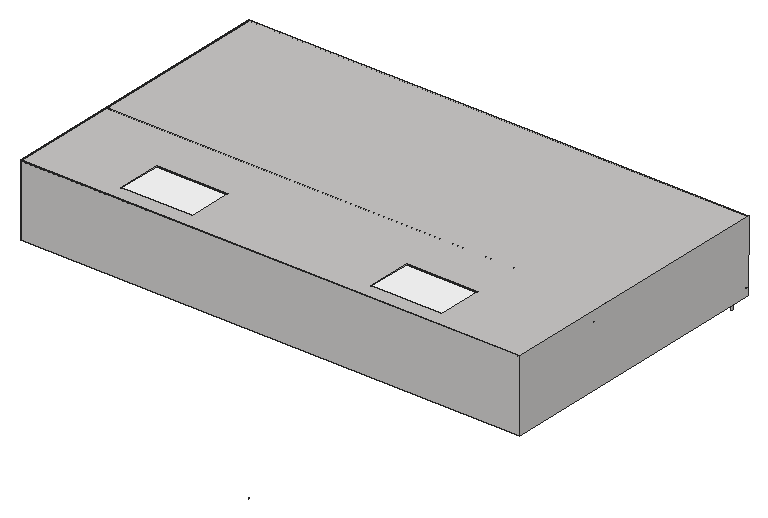
Revit family "QF_ELECTROLUXPROFESSIONAL_640033_EPF1628", category Attrezzature speciali, Revit 2021
Family settings
  Quota connettore circolare = Usa diametro
  Tipo di parte = Normale
  Basato su piano di lavoro = No
  Sempre verticale = Sì
  Taglio con vuoti quando caricato = No
  Condiviso = No
  Punto di calcolo locali = No
Parameters (values of type "Standard")
  Weight = 68.00 kg
  Watts = 0 W
  Volts = 0 V
  URL Manufacturer = "https://www.electroluxprofessional.com/"
  URL = "https://www.electroluxprofessional.com/"
  Steam Supply Size = 0 mm
  Steam Supply Minimum Pressure = 0.0 Pa
  Steam Supply Maximum Pressure = 0.0 Pa
  Steam Consumption per Hour = 0
  Refrigeration Suction Line Size = 0 mm
  Refrigeration Liquid Line Size = 0 mm
  Refrigerant Compressor Remote = yes
  Prospetto di default = 0 mm
  Produttore = "Electrolux Professional"
  Phase = 0
  Modello = "EPF1628"
  Length Actual = 2800 mm  # constant formula
  Item Number = "640033"
  Hot Water Size = 0 mm
  Height Actual = 400 mm  # constant formula
  HP = "0 HP"
  Gas Size = 0 mm
  Gas KW = 0
  Gas Input Pressure = 0 W
  Direct Waste Size = 0 mm
  Descrizione = "304 S/S WALL HOOD+FILTERS 280X160 CM"
  Depth Actual = 1600 mm  # constant formula
  Cycle = 0 Hz
  Condensate Return Size = 0 mm
  Compressed Air Volume = 0.0 L/s
  Compressed Air Size = 0 mm
  Compressed Air Pressure = 0.0 Pa
  Cold Water Size = 0 mm
  Accessory = yes
Reference planes
  plane 1: z = 0
  plane 2 "Center (Left/Right)": x = 150
  plane 3 "LEFT": x = -1250
  plane 4 "RIGHT": x = 1550
  plane 5 "BACK": y = 550
  plane 6 "TOP": z = 2400
  plane 7 "Base": z = 2000
  plane 8: z = 1970
  plane 9 "DrainY": y = 450
  plane 10: x = -1247
  plane 11: y = -720
  plane 12: y = -970
  plane 13 "DrainX": x = 1537
  plane 14 "AOLeft2": x = -350
  plane 15 "AORight1": x = 650
  plane 16: x = 1547
  plane 17: x = -1050
  plane 18: x = 1350
  plane 19: through (0, -449.6, 2399.19) normal (0, -0.5736, 0.8192)
  plane 20: x = 50
  plane 21: x = 250
  plane 22 "Center (Front/Back)": y = -250
  plane 23 "Front": y = -1050
  plane 24 "AOLeft1": x = -750
  plane 25 "AORight2": x = 1050
Forms (mm)
  Extrusion 1, solid, material "QF_Finishes_Stainless Steel"
    sketch origin (-1250, 0, 360) x (0, 1, 0) y (0, 0, 1)
      loop
        line (550, 1640) -> (550, 2040) -> (-1050, 2040) -> (-1050, 1640) -> (550, 1640)
    from 0 to 3
  Extrusion 2, solid, material "QF_Finishes_Stainless Steel"
    sketch origin (1550, 0, 360) x (0, 1, 0) y (0, 0, 1)
      loop
        line (550, 1640) -> (550, 2040) -> (-1050, 2040) -> (-1050, 1640) -> (550, 1640)
    from 0 to -3
  Extrusion 3, solid, material "QF_Finishes_Stainless Steel"
    sketch origin (150, 0, 360) x (0, 1, 0) y (0, 0, 1)
      loop
        line (-1050, 2040) -> (-1050, 1640) -> (-1040, 1640) -> (-1040, 1640.8) -> (-1049.2, 1640.8) -> (-1049.2, 2039.19) -> (549.2, 2039.19) -> (549.2, 1640.8) -> (540, 1640.8) -> (540, 1640) -> (550, 1640) -> (550, 2040) -> (-1050, 2040)
    from -1400 to 1400
  Extrusion 4, solid, material "QF_Finishes_Stainless Steel"
    sketch origin (0, 0, 2000) x (0, 1, 0) y (-1, 0, 0)
      loop
        circle (450, -1537) r 4.763
    from -30 to 0
  Extrusion 5, void
    sketch origin (0, 0, 2400) x (0, 1, 0) y (-1, 0, 0)
      loop
        line (-720, 350) -> (-720, 750) -> (-970, 750) -> (-970, 350) -> (-720, 350)
    from 0 to -10
  Extrusion 6, solid, material "QF_Finishes_Stainless Steel"
    sketch origin (0, 0, 0) x (1, 0, 0) y (0, 1, 0)
      loop
        line (-1250, 550) -> (-1250, 549) -> (-1249, 549) -> (-1249, 550) -> (-1250, 550)
    from 0 to 1
  Extrusion 7, solid, material "QF_Finishes_Stainless Steel"
    sketch origin (150, 0, 360) x (0, 1, 0) y (0, 0, 1)
      loop
        line (-531.515, 1981.832) -> (-534.381, 1985.926) -> (-973.276, 1678.608) -> (-970.553, 1674.415) -> (-531.515, 1981.832)
    from -1200 to -1397
  Extrusion 8, solid, material "QF_Finishes_Stainless Steel"
    sketch origin (150, 0, 360) x (0, 1, 0) y (0, 0, 1)
      loop
        line (-1050, 2039.19) -> (-1050, 1640) -> (-1019.702, 1640) -> (-970.553, 1674.415) -> (-978.723, 1686.995) -> (-979.394, 1686.559) -> (-971.645, 1674.627) -> (-1019.955, 1640.8) -> (-1049.2, 1640.8) -> (-1049.2, 2039.19) -> (-1050, 2039.19)
      loop
        line (-449.6, 2039.19) -> (-450.995, 2039.19) -> (-531.319, 1982.947) -> (-539.464, 1994.578) -> (-540.119, 1994.12) -> (-531.515, 1981.832) -> (-449.6, 2039.19)
    from -1397 to 1397
  Extrusion 9, solid, material "QF_Finishes_Stainless Steel"
    sketch origin (150, 0, 360) x (0, 1, 0) y (0, 0, 1)
      loop
        line (-531.515, 1981.832) -> (-534.381, 1985.926) -> (-973.276, 1678.608) -> (-970.553, 1674.415) -> (-531.515, 1981.832)
    from 1397 to 1200
  Extrusion 10, solid, material "QF_Finishes_Stainless Steel"
    sketch origin (150, 0, 360) x (0, 1, 0) y (0, 0, 1)
      loop
        line (-531.515, 1981.832) -> (-534.381, 1985.926) -> (-973.276, 1678.608) -> (-970.553, 1674.415) -> (-531.515, 1981.832)
    from -100 to 100
  Extrusion 11, solid, material "QF_Finished_Chrome"
    sketch origin (150, 0, 360) x (0, 1, 0) y (0, 0, 1)
      loop
        line (-531.515, 1981.832) -> (-534.381, 1985.926) -> (-973.276, 1678.608) -> (-970.553, 1674.415) -> (-531.515, 1981.832)
    from -1200 to -100
  Extrusion 12, solid, material "QF_Finished_Chrome"
    sketch origin (150, 0, 360) x (0, 1, 0) y (0, 0, 1)
      loop
        line (-531.515, 1981.832) -> (-534.381, 1985.926) -> (-973.276, 1678.608) -> (-970.553, 1674.415) -> (-531.515, 1981.832)
    from 100 to 1200
  Sweep 13, solid, material "QF_Finishes_Stainless Steel"
    path origin (0, 0, 0) x (1, 0, 0) y (0, 1, 0)
      loop
        line (1550, 550) -> (-1250, 550) -> (-1250, -1050) -> (1550, -1050) -> (1550, 550)
    profile origin (1550, -250, 0) x (1, 0, 0) y (0, 0, 1)
      loop
        line (-3, 2000) -> (-3, 2000.8) -> (-19, 2000.8) -> (-19, 2010) -> (-20, 2010) -> (-20, 2000) -> (-3, 2000)
  Extrusion 14, solid, material "QF_Finishes_Stainless Steel"
    sketch origin (150, 0, 0) x (0, 1, 0) y (0, 0, 1)
      loop
        line (108.687, 2305.487) -> (549.2, 2040.8) -> (549.2, 2041.733) -> (109.285, 2306.061) -> (-443.438, 2399.19) -> (-445.739, 2399.19) -> (108.687, 2305.487)
    from -1397 to 1397
  Extrusion 15, void
    sketch origin (0, 0, 2400) x (0, 1, 0) y (-1, 0, 0)
      loop
        line (-720, -1050) -> (-720, -650) -> (-970, -650) -> (-970, -1050) -> (-720, -1050)
    from 0 to -10
Cuts and joins
  Extrusion 5, Extrusion 15 cuts Extrusion 3
  joined: Extrusion 2, Extrusion 3, Sweep 13
Lines and regions (mm)
  symbolic lines, style "SpecialityEquipment", detail levels coarse
    curve 1: line (1550, 550, 2400) -> (-1250, 550, 2400)
    curve 2: line (-1250, 550, 2400) -> (-1250, -1050.8, 2400)
    curve 3: line (1550, -1050.8, 2400) -> (1550, 550, 2400)
    curve 4: line (-1250, 550, 0) -> (1550, -1050, 0)
    curve 5: line (1550, 550, 0) -> (-1250, -1050, 0)
  symbolic lines, detail levels coarse
    curve 6: line (-1250, -1050, 0) -> (1550, -1050, 0)
    curve 7: line (-350, -720, 0) -> (-750, -720, 0)
    curve 8: line (-350, -970, 0) -> (-350, -720, 0)
    curve 9: line (-750, -970, 0) -> (-350, -970, 0)
    curve 10: line (-750, -720, 0) -> (-750, -970, 0)
    curve 11: line (1050, -720, 0) -> (650, -720, 0)
    curve 12: line (1050, -970, 0) -> (1050, -720, 0)
    curve 13: line (650, -970, 0) -> (1050, -970, 0)
    curve 14: line (650, -720, 0) -> (650, -970, 0)
Dimensions and locks
  plane 3 "LEFT" to plane 4 "RIGHT" = 2800 mm
  equal spacing: plane 3 "LEFT", plane 2 "Center (Left/Right)", plane 4 "RIGHT"
  plane 7 "Base" to plane 8 = 30 mm
  plane 5 "BACK" to plane 9 "DrainY" = 100 mm  (x2)
  plane 3 "LEFT" to plane 10 = 3 mm
  plane 13 "DrainX" to plane 4 "RIGHT" = 13 mm
  plane 16 to plane 4 "RIGHT" = 3 mm
  plane 3 "LEFT" to plane 17 = 200 mm
  plane 18 to plane 4 "RIGHT" = 200 mm
  locked: plane 14 "AOLeft2" to plane 15 "AORight1" at 1000
  equal spacing: plane 14 "AOLeft2", plane 2 "Center (Left/Right)", plane 15 "AORight1"
  locked: plane 7 "Base" to level at 2000
  locked: plane 6 "TOP" to plane 7 "Base" at 400
  locked: plane 20 to plane 21 at 200
  equal spacing: plane 20, plane 2 "Center (Left/Right)", plane 21
  locked: plane 11 to plane 12 at 250
  plane 5 "BACK" to plane 23 "Front" = 1600 mm  (x2)
  equal spacing: plane 5 "BACK", plane 22 "Center (Front/Back)", plane 23 "Front"
  plane 12 to plane 23 "Front" = 80 mm
  plane 24 "AOLeft1" to plane 14 "AOLeft2" = 400 mm
  plane 15 "AORight1" to plane 25 "AORight2" = 400 mm
  aligned and locked: level to plane 1
  aligned and locked: plane 4 "RIGHT" to Extrusion 3
  aligned and locked: Extrusion 3 to plane 3 "LEFT"
  aligned and locked: Extrusion 5 to plane 12
  aligned and locked: Extrusion 5 to plane 11
  aligned and locked: Extrusion 7 to plane 10
  aligned and locked: Extrusion 7 to plane 17
  aligned and locked: Extrusion 2 to plane 16
  aligned and locked: plane 16 to Extrusion 9
  aligned and locked: plane 18 to Extrusion 9
  aligned and locked: Extrusion 10 to plane 21
  aligned and locked: Extrusion 10 to plane 20
  aligned and locked: Extrusion 11 to plane 20
  aligned and locked: plane 17 to Extrusion 11
  aligned and locked: Extrusion 12 to plane 21
  aligned and locked: Extrusion 12 to plane 18
  aligned and locked: Extrusion 14 to plane 10
  aligned and locked: plane 16 to Extrusion 14
  aligned and locked: Extrusion 8 to plane 10
  aligned and locked: Extrusion 8 to plane 16
  aligned and locked: Extrusion 1 to plane 23 "Front"
  aligned and locked: Extrusion 5 to plane 24 "AOLeft1"
  aligned and locked: Extrusion 5 to plane 14 "AOLeft2"
  aligned and locked: plane 15 "AORight1" to Extrusion 15
  aligned and locked: plane 25 "AORight2" to Extrusion 15
Automatic sketch dimensions
  curve 6 to plane 3 "LEFT" = 0 mm
  curve 4 to plane 3 "LEFT" = 0 mm
  curve 5 to plane 4 "RIGHT" = 0 mm
  curve 6 to plane 4 "RIGHT" = 0 mm
  curve 4 to plane 23 "Front" = 0 mm
  curve 5 to plane 5 "BACK" = 0 mm
  curve 4 to plane 5 "BACK" = 0 mm
  curve 2 to plane 3 "LEFT" = 0 mm
  curve 3 to plane 4 "RIGHT" = 0 mm
  curve 2 to plane 5 "BACK" = 0 mm
  curve 3 to plane 23 "Front" = 0.8 mm
  curve 2 to plane 23 "Front" = 0.8 mm
  Extrusion 1 sketch curve to plane 7 "Base" = 0 mm
  Extrusion 1 sketch curve to plane 23 "Front" = 0 mm
  Extrusion 1 sketch curve to plane 5 "BACK" = 0 mm
  Extrusion 1 sketch curve to plane 6 "TOP" = 0 mm
  Extrusion 2 sketch curve to plane 7 "Base" = 0 mm
  Extrusion 2 sketch curve to plane 23 "Front" = 0 mm
  Extrusion 2 sketch curve to plane 5 "BACK" = 0 mm
  Extrusion 2 sketch curve to plane 6 "TOP" = 0 mm
  Extrusion 3 sketch curve to plane 6 "TOP" = 0 mm
  Extrusion 3 sketch curve to plane 23 "Front" = 0 mm
  Extrusion 3 sketch curve to plane 7 "Base" = 0 mm  (x2)
  Extrusion 3 sketch curve to plane 5 "BACK" = 0 mm
  plane 23 "Front" to Extrusion 3 sketch curve = 0.8 mm
  Extrusion 3 sketch curve to Extrusion 3 sketch curve = 9.2 mm
  plane 7 "Base" to Extrusion 3 sketch curve = 0.8 mm  (x2)
  Extrusion 3 sketch curve to plane 5 "BACK" = 10 mm
  Extrusion 3 sketch curve to plane 5 "BACK" = 0.8 mm
  Extrusion 3 sketch curve to plane 6 "TOP" = 0.81 mm
  Extrusion 4 sketch curve to plane 9 "DrainY" = 0 mm
  Extrusion 4 sketch curve to plane 13 "DrainX" = 0 mm
  Extrusion 5 sketch curve to plane 12 = 0 mm
  plane 11 to Extrusion 5 sketch curve = 0 mm
  Extrusion 5 sketch curve to plane 14 "AOLeft2" = 0 mm
  Extrusion 5 sketch curve to plane 24 "AOLeft1" = 0 mm
  Extrusion 6 sketch curve to plane 3 "LEFT" = 0 mm
  Extrusion 6 sketch curve to plane 5 "BACK" = 0 mm
  plane 3 "LEFT" to Extrusion 6 sketch curve = 1 mm
  Extrusion 6 sketch curve to Extrusion 6 sketch curve = 1 mm
  Extrusion 7 sketch curve to plane 19 = 0 mm  (x2)
  Extrusion 7 sketch curve to plane 12 = 3.276 mm
  Extrusion 7 sketch curve to plane 12 = 0.553 mm
  Extrusion 7 sketch curve to plane 6 "TOP" = 54.074 mm
  Extrusion 7 sketch curve to plane 11 = 185.619 mm
  Extrusion 8 sketch curve to plane 23 "Front" = 0 mm
  Extrusion 8 sketch curve to plane 7 "Base" = 0 mm
  Extrusion 8 sketch curve to plane 19 = 0 mm  (x4)
  plane 23 "Front" to Extrusion 8 sketch curve = 0.8 mm
  Extrusion 8 sketch curve to Extrusion 8 sketch curve = 0.252 mm
  Extrusion 8 sketch curve to plane 12 = 9.394 mm
  Extrusion 8 sketch curve to Extrusion 8 sketch curve = 0.671 mm
  Extrusion 8 sketch curve to plane 12 = 1.645 mm
  Extrusion 8 sketch curve to plane 12 = 0.553 mm
  Extrusion 8 sketch curve to plane 6 "TOP" = 45.88 mm
  Extrusion 8 sketch curve to plane 11 = 179.881 mm
  Extrusion 8 sketch curve to plane 6 "TOP" = 45.422 mm
  Extrusion 8 sketch curve to plane 6 "TOP" = 57.053 mm
  Extrusion 8 sketch curve to plane 6 "TOP" = 0.81 mm  (x2)
  plane 7 "Base" to Extrusion 8 sketch curve = 0.8 mm
  Extrusion 8 sketch curve to Extrusion 8 sketch curve = 0.212 mm
  Extrusion 9 sketch curve to plane 19 = 0 mm  (x2)
  Extrusion 9 sketch curve to plane 12 = 3.276 mm
  Extrusion 9 sketch curve to plane 12 = 0.553 mm
  Extrusion 9 sketch curve to plane 6 "TOP" = 54.074 mm
  Extrusion 9 sketch curve to plane 11 = 185.619 mm
  Extrusion 10 sketch curve to plane 19 = 0 mm  (x2)
  Extrusion 10 sketch curve to plane 12 = 3.276 mm
  Extrusion 10 sketch curve to plane 12 = 0.553 mm
  Extrusion 10 sketch curve to plane 6 "TOP" = 54.074 mm
  Extrusion 10 sketch curve to plane 11 = 185.619 mm
  Extrusion 11 sketch curve to plane 19 = 0 mm  (x2)
  Extrusion 11 sketch curve to plane 12 = 3.276 mm
  Extrusion 11 sketch curve to plane 12 = 0.553 mm
  Extrusion 11 sketch curve to plane 6 "TOP" = 54.074 mm
  Extrusion 11 sketch curve to plane 11 = 185.619 mm
  Extrusion 12 sketch curve to plane 19 = 0 mm  (x2)
  Extrusion 12 sketch curve to plane 12 = 3.276 mm
  Extrusion 12 sketch curve to plane 12 = 0.553 mm
  Extrusion 12 sketch curve to plane 6 "TOP" = 54.074 mm
  Extrusion 12 sketch curve to plane 11 = 185.619 mm
  Sweep 13 sketch curve to plane 3 "LEFT" = 0 mm
  Sweep 13 sketch curve to plane 4 "RIGHT" = 0 mm
  Sweep 13 sketch curve to plane 23 "Front" = 0 mm
  Sweep 13 sketch curve to plane 5 "BACK" = 0 mm
  profile plane to Sweep 13 sketch curve = 20 mm
  Sweep 13 sketch curve to Sweep 13 sketch curve = 1 mm
  profile plane to Sweep 13 sketch curve = 3 mm
  level to Sweep 13 sketch curve = 2000 mm
  Sweep 13 sketch curve to Sweep 13 sketch curve = 0.8 mm
  Sweep 13 sketch curve to Sweep 13 sketch curve = 9.2 mm
  Extrusion 14 sketch curve to plane 6 "TOP" = 0.81 mm
  Extrusion 14 sketch curve to plane 22 "Center (Front/Back)" = 195.739 mm
  Extrusion 14 sketch curve to Extrusion 14 sketch curve = 2.3 mm
  Extrusion 14 sketch curve to plane 6 "TOP" = 94.513 mm
  Extrusion 14 sketch curve to plane 9 "DrainY" = 341.313 mm
  Extrusion 14 sketch curve to plane 6 "TOP" = 93.939 mm
  Extrusion 14 sketch curve to Extrusion 14 sketch curve = 0.598 mm
  Extrusion 14 sketch curve to plane 5 "BACK" = 0.8 mm
  plane 7 "Base" to Extrusion 14 sketch curve = 41.733 mm
  Extrusion 14 sketch curve to Extrusion 14 sketch curve = 0.933 mm
  Extrusion 15 sketch curve to plane 12 = 0 mm
  plane 11 to Extrusion 15 sketch curve = 0 mm
  Extrusion 15 sketch curve to plane 14 "AOLeft2" = 1400 mm
  plane 24 "AOLeft1" to Extrusion 15 sketch curve = 1400 mm
  plane 11 to curve 7 = 0 mm
  curve 8 to plane 12 = 0 mm
  curve 8 to plane 14 "AOLeft2" = 0 mm
  curve 9 to plane 24 "AOLeft1" = 0 mm
  plane 11 to curve 11 = 0 mm
  curve 11 to plane 15 "AORight1" = 0 mm
  curve 12 to plane 12 = 0 mm
  curve 12 to plane 25 "AORight2" = 0 mm
  radius of Extrusion 4 sketch curve = 4.763 mm
Connectors
  piping at (1537, 450, 1970), diameter 9.5
    settings: on Extrusion 4, index 1, connector inside diameter 609.6 mm, connector length 0 mm, flow factor 0, pipe flow 0.0 L/s, pressure drop 0.0 Pa, fitting loss kfactor 0, connector angle 0.00°, fixture units 0, engagement length 0 mm, angle of deflection 0.00°, flow configuration 1, flow direction 2, fitting loss method 0, system type 16, joint type 0, gender type 0, connector reference index -1, connector utility 0, adjustable connector no, is connector primary yes, connector description "Drain"
  hvac at (-550, -845, 2400)
    settings: on Extrusion 5, index 2, duct flow 0.0 L/s, flow factor 0, pres drop 0.0 Pa, loss coef 0, conn angle 0.00°, conn width 250 mm, conn height 400 mm, conn diameter 609.6 mm, duct sys type 3, conn prof type 1, flow config 1, flow direction 0, loss method 0, conn ref index -1, conn util no, is conn primary yes, conn desc "EXHAUST OUTLET"
  hvac at (850, -845, 2400)
    settings: on Extrusion 15, index 3, duct flow 0.0 L/s, flow factor 0, pres drop 0.0 Pa, loss coef 0, conn angle 0.00°, conn width 250 mm, conn height 400 mm, conn diameter 609.6 mm, duct sys type 3, conn prof type 1, flow config 1, flow direction 2, loss method 0, conn ref index -1, conn util no, is conn primary no, conn desc "EXHAUST OUTLET"
